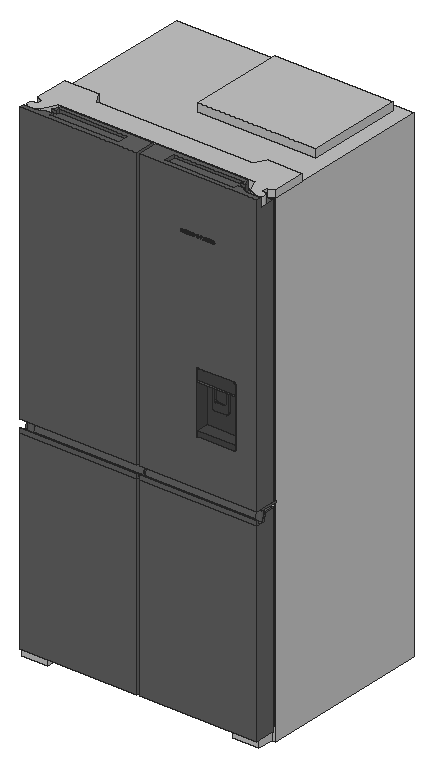
Revit family "FP_Revit_18_RF730QZUVB1_Fridge_90001899A", category Specialty Equipment, Revit 2018
Family settings
  Round Connector Dimension = Use Diameter
  Part Type = Normal
  OmniClass Number = 23.40.40.11.11.17
  OmniClass Title = Refrigerator-Freezer
  Work Plane-Based = No
  Always vertical = Yes
  Cut with Voids When Loaded = Yes
  Shared = No
  Room Calculation Point = No
Parameters (values of type "RF730QZUVB1 (Flush)")
  Visibility - Clearance Required = yes
  URL = "www.fisherpaykel.com"
  Product - Width = 905 mm  # constant formula
  Product - Height = 1900 mm  # constant formula
  Product - Depth = 748 mm  # constant formula
  Model = "RF730QZUVB1"
  Material - Trim = Fisher & Paykel - Aluminium, Dark
  Material - Glass = Fisher & Paykel - Grey
  Material - Door Structure = Fisher & Paykel - White
  Material - Door Front = Fisher & Paykel - Stainless Steel, Dark
  Material - Body = Fisher & Paykel - Grey
  Manufacturer = "Fisher & Paykel Appliances"
  Description = "Freestanding Quad Door Refrigerator Freezer"
  Connector Description - Water = "Min 150kPa (22psi), max 827kPa (120psi) @ 20°C"
  Connector Description - Electrical = "220-240 V, 50 Hz, 1.8 A,"
  Chassis - Width = 905 mm  # constant formula
  Chassis - Height = 1867 mm  # constant formula
  Chassis - Depth = 663 mm  # constant formula
  Cavity - Width = 1125 mm
  Cavity - Height = 1945 mm
  Cavity - Door Clearance = 260 mm
  Cavity - Depth = 778 mm
Types (3, lengths in mm): name | Connector Description - Water | Cavity - Width | Cavity - Height | Cavity - Door Clearance | Cavity - Depth
  (no name) | "Min 150kPa (22psi), max 827kPa (120psi) @ 20°C" | 1125 | 1945 | 260 | 778
  RF730QZUVB1 (Proud) | "13mm (1/2\") or 19mm (3/4\") BSP threaded water connection 6.35mm LLDPE tubing" | 985 | 1920 | 350 | 690
  RF730QZUVB1 (Flush) | "Min 150kPa (22psi), max 827kPa (120psi) @ 20°C" | 1125 | 1945 | 260 | 778
Reference planes
  plane 1 "Datum": y = 0
  plane 2: z = 0
  plane 3 "Center (Left/Right)": x = 0
  plane 4 "Product LHS": x = -452.5
  plane 5 "Product RHS": x = 452.5
  plane 6 "Product - Depth": y = 660.022
  plane 7 "Cavity LHS": x = -562.5
  plane 8 "Cavity RHS": x = 562.5
  plane 9 "Cavity - Depth": y = 715
  plane 10 "Cavity Height": z = 1945
  plane 11 "Product - Height": z = 1900
  plane 12 "Door Font": y = -87.978
Forms (mm)
  Extrusion 1, solid, material "Fisher & Paykel - Grey" <- "Material - Body"
    sketch origin (0, -1.89, -0.809) x (0, 1, 0) y (0, 0, 1)
      loop
        line (1.89, 10.014) -> (661.912, 10.014) -> (661.912, 1867.809) -> (1.89, 1867.809) -> (1.89, 10.014)
    from -452.5 to 452.5
  Extrusion 2, void
    sketch origin (-955, 0, 0) x (1, 0, 0) y (0, 0, 1)
      loop
        arc (1184.105, 1245.1) -> (1178.448, 1242.757) -> (1176.105, 1237.1) r 8
        line (1176.105, 1237.1) -> (1176.105, 1017.5)
        arc (1176.105, 1017.5) -> (1178.448, 1011.843) -> (1184.105, 1009.5) r 8
        line (1184.105, 1009.5) -> (1318.605, 1009.5)
        arc (1318.605, 1009.5) -> (1324.262, 1011.843) -> (1326.605, 1017.5) r 8
        line (1326.605, 1017.5) -> (1326.605, 1237.1)
        arc (1326.605, 1237.1) -> (1324.262, 1242.757) -> (1318.605, 1245.1) r 8
        line (1318.605, 1245.1) -> (1184.105, 1245.1)
    from 15 to 87.978
  Extrusion 3, solid, material "Fisher & Paykel - Clearance Required", visible <- "Visibility - Clearance Required", detail levels coarse
    sketch origin (0, 0, 0) x (0, 1, 0) y (0, 0, 1)
      loop
        line (-87.978, 816.839) -> (-375.091, 816.839) -> (-375.091, 45.301) -> (-87.978, 45.301) -> (-87.978, 816.839)
    from -452.5 to 452.5
  Extrusion 4, solid, material "Fisher & Paykel - White" <- "Material - Door Structure", detail levels medium+fine
    sketch origin (0, 0, 0) x (1, 0, 0) y (0, 0, 1)
      loop
        line (4.9, 824.651) -> (4.9, 58.27) -> (447.305, 58.27) -> (447.305, 824.651) -> (4.9, 824.651)
      loop
        line (-447.295, 58.27) -> (-4.996, 58.27) -> (-4.996, 824.651) -> (-447.295, 824.651) -> (-447.295, 58.27)
      loop
        line (-4.996, 832.342) -> (-4.996, 1861.601) -> (-447.295, 1861.601) -> (-447.295, 832.342) -> (-4.996, 832.342)
      loop
        line (4.9, 832.342) -> (447.305, 832.342) -> (447.305, 1861.601) -> (4.9, 1861.601) -> (4.9, 832.342)
    from 0 to 11.877
  Extrusion 5, solid, material "Fisher & Paykel - Stainless Steel, Dark" <- "Material - Door Front"
    sketch origin (0, 0, 0) x (1, 0, 0) y (0, 0, 1)
      loop
        line (-452.5, 832.342) -> (-4.996, 832.342) -> (-4.996, 1866.2) -> (-452.5, 1866.2) -> (-452.5, 832.342)
      loop
        line (4.9, 1866.2) -> (4.9, 832.342) -> (452.5, 832.342) -> (452.5, 1866.2) -> (4.9, 1866.2)
    from 11.877 to 87.978
  Extrusion 6, solid, material "Fisher & Paykel - Clearance Required", visible <- "Visibility - Clearance Required", detail levels coarse
    sketch origin (0, 0, 0) x (1, 0, 0) y (0, 1, 0)
      loop
        line (-562.5, 715) -> (-562.5, 0) -> (-452.5, 0) -> (-452.5, -87.978) -> (452.5, -87.978) -> (452.5, 0) -> (562.5, 0) -> (562.5, 715) -> (-562.5, 715)
    from 0 to 1945
  Extrusion 7, solid, material "Fisher & Paykel - Clearance Required", visible <- "Visibility - Clearance Required", detail levels coarse
    sketch origin (0, 0, 0) x (1, 0, 0) y (0, 1, 0)
      loop
        line (-452.5, -87.978) -> (-760.15, -412.957)
        arc (-760.15, -412.957) -> (-275.603, -499.034) -> (-4.996, -87.978) r 447.504
        line (-4.996, -87.978) -> (-452.5, -87.978)
      loop
        line (452.5, -87.978) -> (4.996, -87.978)
        arc (4.996, -87.978) -> (275.603, -499.034) -> (760.15, -412.957) r 447.504
        line (760.15, -412.957) -> (452.5, -87.978)
    from 832.342 to 1945
  Extrusion 8, solid, material "Fisher & Paykel - Aluminium, Dark" <- "Material - Trim", detail levels medium+fine
    sketch origin (0, 0, 0) x (0, 1, 0) y (0, 0, 1)
      loop
        line (-11.877, 816.839) -> (-52.855, 816.839) -> (-58.145, 786.839) -> (-80.904, 786.839) -> (-83.372, 800.839) -> (-87.978, 800.839) -> (-87.978, 784.839) -> (-56.467, 784.839) -> (-51.177, 814.839) -> (-11.877, 814.839) -> (-11.877, 816.839)
    from -452.5 to 452.5
  Extrusion 9, void
    sketch origin (0, 0, 0) x (1, 0, 0) y (0, 1, 0)
      loop
        arc (-179.6, -42.862) -> (-183.136, -44.327) -> (-184.6, -47.862) r 5
        line (-184.6, -47.862) -> (-184.6, -70.717)
        arc (-184.6, -70.717) -> (-183.136, -74.253) -> (-179.6, -75.717) r 5
        line (-179.6, -75.717) -> (-39.9, -75.717)
        arc (-39.9, -75.717) -> (-36.364, -74.253) -> (-34.9, -70.717) r 5
        line (-34.9, -70.717) -> (-34.9, -47.862)
        arc (-34.9, -47.862) -> (-36.364, -44.327) -> (-39.9, -42.862) r 5
        line (-39.9, -42.862) -> (-179.6, -42.862)
      loop
        line (179.6, -42.862) -> (39.9, -42.862)
        arc (39.9, -42.862) -> (36.364, -44.327) -> (34.9, -47.862) r 5
        line (34.9, -47.862) -> (34.9, -70.717)
        arc (34.9, -70.717) -> (36.364, -74.253) -> (39.9, -75.717) r 5
        line (39.9, -75.717) -> (179.6, -75.717)
        arc (179.6, -75.717) -> (183.136, -74.253) -> (184.6, -70.717) r 5
        line (184.6, -70.717) -> (184.6, -47.862)
        arc (184.6, -47.862) -> (183.136, -44.327) -> (179.6, -42.862) r 5
    from 832 to 852
  Extrusion 10, solid, material "Fisher & Paykel - Stainless Steel, Dark" <- "Material - Door Front"
    sketch origin (0, 0, 0) x (0, 1, 0) y (0, 0, 1)
      loop
        line (-11.877, 814.839) -> (-51.117, 814.839) -> (-56.407, 784.839) -> (-87.978, 784.839) -> (-87.978, 45.301) -> (-11.877, 45.301) -> (-11.877, 814.839)
    from -452.5 to 452.5
  Extrusion 11, solid, material "Fisher & Paykel - Grey" <- "Material - Body", detail levels medium+fine
    sketch origin (0, 0, 0) x (0, 1, 0) y (0, 0, 1)
      loop
        arc (549.005, 9.205) -> (567.902, 0.099) -> (586.799, 9.205) r 24.162
        line (586.799, 9.205) -> (549.005, 9.205)
      loop
        arc (29.421, 9.205) -> (41.527, 0.169) -> (53.634, 9.205) r 12.628
        line (53.634, 9.205) -> (29.421, 9.205)
    from -435.714 to -404.314
  Extrusion 12, solid, material "Fisher & Paykel - Grey" <- "Material - Body", detail levels fine
    sketch origin (0, 0, 0) x (1, 0, 0) y (0, 0, 1)
      loop
        line (-351.985, 20.451) -> (-351.985, 45.301) -> (-452.5, 45.301) -> (-452.5, 20.451) -> (-351.985, 20.451)
      loop
        line (351.985, 20.451) -> (452.5, 20.451) -> (452.5, 45.301) -> (351.985, 45.301) -> (351.985, 20.451)
    from 16.39 to 78.575
  Extrusion 13, solid, material "Fisher & Paykel - Grey" <- "Material - Body", detail levels fine
    sketch origin (0, 0, 0) x (0, 1, 0) y (0, 0, 1)
      loop
        line (-4.844, 58.27) -> (-11.877, 58.27) -> (-11.877, 45.301) -> (-22.558, 45.301) -> (-22.558, 30.4) -> (-4.844, 30.4) -> (-4.844, 58.27)
    from 188.466 to 216.448
  Extrusion 14, solid, material "Fisher & Paykel - Grey" <- "Material - Body", detail levels fine
    sketch origin (0, 0, 0) x (0, 1, 0) y (0, 0, -1)
      loop
        line (-4.844, -58.27) -> (-4.844, -30.4) -> (-22.558, -30.4) -> (-22.558, -44.959) -> (-11.877, -44.959) -> (-11.877, -58.27) -> (-4.844, -58.27)
    from 188.466 to 216.448
  Extrusion 15, solid, material "Fisher & Paykel - Aluminium, Dark" <- "Material - Trim", detail levels fine
    sketch origin (0, 0, 0) x (1, 0, 0) y (0, 0, 1)
      loop
        line (356.505, 824.651) -> (452.5, 824.651) -> (452.5, 832.342) -> (356.505, 832.342) -> (356.505, 824.651)
      loop
        line (-356.505, 824.651) -> (-356.505, 832.342) -> (-452.5, 832.342) -> (-452.5, 824.651) -> (-356.505, 824.651)
    from 0 to 64.429
  Extrusion 16, solid, material "Fisher & Paykel - Aluminium, Dark" <- "Material - Trim", detail levels fine
    sketch origin (0, 0, 0) x (1, 0, 0) y (0, 1, 0)
      loop
        circle (-435.446, -51.301) r 11.912
      loop
        circle (435.446, -51.301) r 11.912
    from 786.839 to 824.651
  Extrusion 17, solid, material "Fisher & Paykel - Stainless Steel, Dark" <- "Material - Door Front"
    sketch origin (0, 0, 0) x (1, 0, 0) y (0, 1, 0)
      loop
        line (4.9, -11.877) -> (4.9, -87.978) -> (452.5, -87.978) -> (452.5, -70.676) -> (402.411, -70.676)
        arc (402.411, -70.676) -> (387.987, -66.778) -> (377.491, -56.144) r 28.633
        line (377.491, -56.144) -> (352.29, -56.144) -> (352.29, -71.791) -> (88.144, -71.791) -> (88.144, -27.864) -> (352.29, -27.864) -> (352.29, -39.179) -> (369.829, -39.179) -> (357.565, -11.877) -> (4.9, -11.877)
      loop
        line (-4.996, -11.877) -> (-357.565, -11.877) -> (-369.829, -39.179) -> (-352.29, -39.179) -> (-352.29, -27.864) -> (-88.144, -27.864) -> (-88.144, -71.791) -> (-352.29, -71.791) -> (-352.29, -56.144) -> (-377.491, -56.144)
        arc (-377.491, -56.144) -> (-387.987, -66.778) -> (-402.411, -70.676) r 28.633
        line (-402.411, -70.676) -> (-452.5, -70.676) -> (-452.5, -87.978) -> (-4.996, -87.978) -> (-4.996, -11.877)
    from 1866.2 to 1900
  Extrusion 18, solid, material "Fisher & Paykel - Grey" <- "Material - Body", detail levels medium+fine
    sketch origin (0, 0, 0) x (0, 1, 0) y (0, 0, -1)
      loop
        line (549.278, -9.205) -> (586.526, -9.205)
        arc (586.526, -9.205) -> (567.902, -0.214) -> (549.278, -9.205) r 23.786
      loop
        line (29.521, -9.205) -> (53.534, -9.205)
        arc (53.534, -9.205) -> (41.527, -0.096) -> (29.521, -9.205) r 12.468
    from -435.714 to -404.314
  Extrusion 19, solid, material "Fisher & Paykel - Grey" <- "Material - Body", detail levels medium+fine
    sketch origin (0, 0, 0) x (1, 0, 0) y (0, 1, 0)
      loop
        arc (-442.679, -35.387) -> (-451.6, -56.757) -> (-430.271, -65.777) r 16.413
        line (-430.271, -65.777) -> (-398.898, -52.582) -> (-375.526, -1.823) -> (375.526, -1.823) -> (398.898, -52.582) -> (430.271, -65.777)
        arc (430.271, -65.777) -> (451.6, -56.757) -> (442.679, -35.387) r 16.413
        line (442.679, -35.387) -> (429.032, -29.74) -> (429.032, -10.954) -> (452.5, -0.448) -> (452.5, 125.143) -> (321.605, 125.143) -> (297.603, 85.197) -> (-297.603, 85.197) -> (-321.605, 125.143) -> (-452.5, 125.143) -> (-452.5, -0.448) -> (-429.032, -10.954) -> (-429.032, -29.74) -> (-442.679, -35.387)
    from 1867 to 1895.804
  Extrusion 20, void
    sketch origin (0, 0, 0) x (1, 0, 0) y (0, 0, 1)
      loop
        line (-4.996, 832.342) -> (-4.996, 0) -> (4.9, 0) -> (4.9, 832.342) -> (-4.996, 832.342)
    from 11.877 to 87.978
  Extrusion 21, solid, material "Fisher & Paykel - Grey" <- "Material - Body", detail levels medium+fine
    sketch origin (0, 0, 0) x (1, 0, 0) y (0, 1, 0)
      loop
        line (-54.918, 630.321) -> (-54.918, 265.628) -> (394.775, 265.628) -> (394.775, 630.321) -> (-54.918, 630.321)
    from 1867 to 1898.601
  Extrusion 22, solid, material "Fisher & Paykel - Stainless Steel, Dark" <- "Material - Door Front", detail levels fine
    sketch origin (0, 0, 0) x (1, 0, 0) y (0, 1, 0)
      loop
        line (-369.829, -39.179) -> (-377.34, -56.144) -> (-352.29, -56.144) -> (-352.29, -71.791) -> (-88.144, -71.791) -> (-88.144, -27.864) -> (-352.29, -27.864) -> (-352.29, -39.179) -> (-369.829, -39.179)
      loop
        line (369.829, -39.179) -> (352.29, -39.179) -> (352.29, -27.864) -> (88.144, -27.864) -> (88.144, -71.791) -> (352.29, -71.791) -> (352.29, -56.144) -> (377.34, -56.144) -> (369.829, -39.179)
    from 1867 to 1890.401
  Extrusion 23, solid, material "Fisher & Paykel - Clearance Required", visible <- "Visibility - Clearance Required", detail levels coarse
    sketch origin (0, 0, 0) x (1, 0, 0) y (0, 1, 0)
      loop
        line (-727.5, 0) -> (-727.5, -87.978) -> (-452.5, -87.978) -> (-452.5, 0) -> (-727.5, 0)
      loop
        line (727.5, 0) -> (452.5, 0) -> (452.5, -87.978) -> (727.5, -87.978) -> (727.5, 0)
    from 0 to 1945
  Extrusion 24, void
    sketch origin (0, 0, 0) x (1, 0, 0) y (0, 0, 1)
      loop
        circle (-375, 155) r 10
      loop
        circle (169.929, 1882.8) r 5
    from -660.022 to -610
  Extrusion 25, void
    sketch origin (0, 0, 0) x (1, 0, 0) y (0, 1, 0)
      loop
        line (-562.5, 715) -> (-562.5, 0) -> (-452.5, 0) -> (-452.5, -87.978) -> (452.5, -87.978) -> (452.5, 0) -> (562.5, 0) -> (562.5, 715) -> (-562.5, 715)
    from 0 to 1945
  Extrusion 26, void
    sketch origin (0, 0, 0) x (1, 0, 0) y (0, 1, 0)
      loop
        line (-727.5, 0) -> (-727.5, -87.978) -> (-452.5, -87.978) -> (-452.5, 0) -> (-727.5, 0)
      loop
        line (727.5, 0) -> (452.5, 0) -> (452.5, -87.978) -> (727.5, -87.978) -> (727.5, 0)
    from 0 to 1945
Cuts and joins
  Extrusion 2, Extrusion 9 cuts Extrusion 5
  joined: Extrusion 5, Extrusion 17
  Extrusion 20 cuts Extrusion 19
  Extrusion 20 cuts Extrusion 6
  Extrusion 20 cuts Extrusion 10
  Extrusion 20 cuts Extrusion 8
  Extrusion 20, Extrusion 24 cuts Extrusion 1
  Extrusion 24 cuts Extrusion 21
Text (mm)
  text "Due to ongoing product development, product details are subject to change without notice. \nPlease always refer to www.fisherpaykel.com for the most current product information. \n© Fisher & Paykel 2020" at (41.04, -527.568, 0), in view "Ref. Level (Plan)"
Dimensions and locks
  equal spacing: plane 4 "Product LHS", plane 3 "Center (Left/Right)", plane 5 "Product RHS"
  "Product - Width": plane 4 "Product LHS" to plane 5 "Product RHS"
  equal spacing: plane 7 "Cavity LHS", plane 3 "Center (Left/Right)", plane 8 "Cavity RHS"
  "Cavity - Width": plane 7 "Cavity LHS" to plane 8 "Cavity RHS"
  Extrusion 2 sketch curve to plane 3 "Center (Left/Right)" = 371.605 mm
  Extrusion 2 sketch curve to Extrusion 2 sketch curve = 235.6 mm
  Extrusion 2 sketch curve to level = 1009.5 mm
  Extrusion 2 sketch curve to Extrusion 2 sketch curve = 150.5 mm
  plane 7 "Cavity LHS" to plane 4 "Product LHS" = 110 mm
  plane 5 "Product RHS" to plane 8 "Cavity RHS" = 110 mm
  plane 11 "Product - Height" to nested 2 = 207.779 mm
  nested 2 to plane 3 "Center (Left/Right)" = 227 mm
  locked: plane 12 "Door Font" to plane 1 "Datum" at 87.978
  plane 1 "Datum" to plane 6 "Product - Depth" = 660.022 mm
  "Product - Depth": plane 6 "Product - Depth" to plane 12 "Door Font"
  "Product - Height": plane 11 "Product - Height" to level
  "Cavity - Height": plane 10 "Cavity Height" to level
  "Chassis - Height": Extrusion 1 to level
  locked: Extrusion 19 to Extrusion 1 at 28.804
  locked: Extrusion 21 to plane 11 "Product - Height" at 1.399
  locked: Extrusion 22 to plane 11 "Product - Height" at 9.599
  plane 11 "Product - Height" to cut or joined group of Extrusion 2, Extrusion 5, Extrusion 9, Extrusion 17 = 890.5 mm
  Extrusion 23 to plane 7 "Cavity LHS" = 165 mm
  plane 8 "Cavity RHS" to Extrusion 23 = 165 mm
  locked: Extrusion 7 sketch curve to plane 3 "Center (Left/Right)" at 760.15
  locked: plane 3 "Center (Left/Right)" to Extrusion 7 sketch curve at 760.15
  locked: level to Extrusion 24 sketch curve at 155
  locked: plane 3 "Center (Left/Right)" to Extrusion 24 sketch curve at 375
  locked: Extrusion 3 to level at 816.839
  locked: Extrusion 7 to level at 832.342
  aligned and locked: level to plane 2
  aligned and locked: plane 4 "Product LHS" to Extrusion 1
  aligned and locked: Extrusion 1 to plane 5 "Product RHS"
  aligned and locked: plane 9 "Cavity - Depth" to Extrusion 6
  aligned and locked: Extrusion 10 to plane 5 "Product RHS"
  aligned and locked: plane 4 "Product LHS" to Extrusion 10
  aligned and locked: Extrusion 6 to plane 10 "Cavity Height"
  aligned and locked: Extrusion 3 to Extrusion 10
  aligned and locked: Extrusion 4 to plane 1 "Datum"
  aligned and locked: Extrusion 12 sketch curve to plane 5 "Product RHS"
  aligned and locked: Extrusion 12 sketch curve to plane 4 "Product LHS"
  aligned and locked: plane 5 "Product RHS" to Extrusion 15 sketch curve
  aligned and locked: Extrusion 17 to plane 11 "Product - Height"
  aligned and locked: Extrusion 1 to Extrusion 8  (x2)
  aligned and locked: Extrusion 6 to plane 1 "Datum"
  aligned and locked: Extrusion 4 to Extrusion 10
  aligned and locked: Extrusion 10 to plane 12 "Door Font"
  aligned and locked: Extrusion 17 to plane 12 "Door Font"
  aligned and locked: cut or joined group of Extrusion 2, Extrusion 5, Extrusion 9, Extrusion 17 to Extrusion 17
  aligned and locked: cut or joined group of Extrusion 2, Extrusion 5, Extrusion 9, Extrusion 17 to Extrusion 4  (x2)
  aligned and locked: Extrusion 4 to Extrusion 15
  aligned and locked: Extrusion 12 to Extrusion 10
  aligned and locked: Extrusion 13 to Extrusion 4
  aligned and locked: Extrusion 13 to Extrusion 10
  aligned and locked: Extrusion 13 to Extrusion 12
  aligned and locked: Extrusion 18 to Extrusion 1  (x2)
  aligned and locked: Extrusion 1 to Extrusion 19
  aligned and locked: Extrusion 17 to cut or joined group of Extrusion 2, Extrusion 5, Extrusion 9, Extrusion 17  (x2)
  aligned and locked: Extrusion 20 sketch curve to cut or joined group of Extrusion 2, Extrusion 5, Extrusion 9, Extrusion 17
  aligned and locked: cut or joined group of Extrusion 2, Extrusion 5, Extrusion 9, Extrusion 17 to Extrusion 20 sketch curve
  aligned and locked: level to Extrusion 20 sketch curve
  aligned and locked: cut or joined group of Extrusion 19, Extrusion 20 to plane 12 "Door Font"
  aligned and locked: cut or joined group of Extrusion 19, Extrusion 20 to Extrusion 10
  aligned and locked: cut or joined group of Extrusion 2, Extrusion 5, Extrusion 9, Extrusion 17 to plane 12 "Door Font"
  aligned and locked: nested 1 to plane 12 "Door Font"
  aligned and locked: Extrusion 10 to cut or joined group of Extrusion 8, Extrusion 20  (x2)
  aligned and locked: Extrusion 20 to cut or joined group of Extrusion 2, Extrusion 5, Extrusion 9, Extrusion 17
  aligned and locked: Extrusion 7 to plane 10 "Cavity Height"
  aligned and locked: Extrusion 7 to cut or joined group of Extrusion 2, Extrusion 5, Extrusion 9, Extrusion 17
  aligned and locked: cut or joined group of Extrusion 8, Extrusion 20 to Extrusion 3
  aligned and locked: plane 4 "Product LHS" to Extrusion 23 sketch curve
  aligned and locked: plane 12 "Door Font" to Extrusion 23 sketch curve
  aligned and locked: plane 1 "Datum" to Extrusion 6 sketch curve
  aligned and locked: Extrusion 23 to level
  aligned and locked: Extrusion 23 to plane 10 "Cavity Height"
  aligned and locked: plane 4 "Product LHS" to Extrusion 3
  aligned and locked: Extrusion 3 to plane 5 "Product RHS"
  aligned and locked: plane 5 "Product RHS" to Extrusion 6 sketch curve
  aligned and locked: plane 4 "Product LHS" to Extrusion 6 sketch curve
  aligned and locked: cut or joined group of Extrusion 19, Extrusion 20 to cut or joined group of Extrusion 1, Extrusion 20, Extrusion 24
  aligned and locked: cut or joined group of Extrusion 1, Extrusion 20, Extrusion 24 to cut or joined group of Extrusion 19, Extrusion 20
  aligned and locked: plane 6 "Product - Depth" to Extrusion 24
  aligned and locked: plane 7 "Cavity LHS" to Extrusion 25
  aligned and locked: plane 1 "Datum" to Extrusion 25  (x2)
  aligned and locked: Extrusion 25 to plane 12 "Door Font"
  aligned and locked: plane 9 "Cavity - Depth" to Extrusion 25
  aligned and locked: Extrusion 25 to plane 8 "Cavity RHS"
  aligned and locked: Extrusion 25 to level
  aligned and locked: Extrusion 26 to Extrusion 23  (x2)
  aligned and locked: Extrusion 26 to plane 1 "Datum"  (x2)
  aligned and locked: Extrusion 26 to nested 1
  aligned and locked: Extrusion 26 to plane 4 "Product LHS"
  aligned and locked: nested 1 to Extrusion 26
  aligned and locked: plane 5 "Product RHS" to Extrusion 26
  aligned and locked: Extrusion 26 to plane 10 "Cavity Height"
  aligned and locked: Extrusion 26 to level
  aligned and locked: Extrusion 25 to plane 10 "Cavity Height"
Automatic sketch dimensions
  Extrusion 1 sketch curve to plane 6 "Product - Depth" = 0 mm
  Extrusion 1 sketch curve to plane 1 "Datum" = 0 mm
  level to Extrusion 1 sketch curve = 9.205 mm
  plane 11 "Product - Height" to Extrusion 1 sketch curve = 33 mm
  Extrusion 2 sketch curve to Extrusion 2 sketch curve = 8 mm  (x4)
  Extrusion 3 sketch curve to plane 12 "Door Font" = 0 mm
  level to Extrusion 3 sketch curve = 45.301 mm
  Extrusion 3 sketch curve to plane 12 "Door Font" = 287.113 mm
  Extrusion 3 sketch curve to Extrusion 3 sketch curve = 771.538 mm
  Extrusion 4 sketch curve to plane 4 "Product LHS" = 5.205 mm  (x2)
  Extrusion 4 sketch curve to plane 3 "Center (Left/Right)" = 4.996 mm  (x2)
  plane 3 "Center (Left/Right)" to Extrusion 4 sketch curve = 4.9 mm  (x2)
  plane 5 "Product RHS" to Extrusion 4 sketch curve = 5.195 mm  (x2)
  level to Extrusion 4 sketch curve = 58.27 mm
  Extrusion 4 sketch curve to Extrusion 4 sketch curve = 0 mm  (x3)
  Extrusion 4 sketch curve to Extrusion 4 sketch curve = 766.38 mm
  Extrusion 4 sketch curve to Extrusion 4 sketch curve = 7.691 mm  (x2)
  plane 11 "Product - Height" to Extrusion 4 sketch curve = 38.399 mm
  plane 4 "Product LHS" to Extrusion 5 sketch curve = 0 mm
  plane 5 "Product RHS" to Extrusion 5 sketch curve = 0 mm
  Extrusion 5 sketch curve to plane 3 "Center (Left/Right)" = 4.996 mm
  plane 3 "Center (Left/Right)" to Extrusion 5 sketch curve = 4.9 mm
  level to Extrusion 5 sketch curve = 832.342 mm
  Extrusion 5 sketch curve to Extrusion 5 sketch curve = 0 mm
  plane 11 "Product - Height" to Extrusion 5 sketch curve = 33.8 mm  (x2)
  Extrusion 6 sketch curve to plane 7 "Cavity LHS" = 0 mm
  plane 1 "Datum" to Extrusion 6 sketch curve = 0 mm
  Extrusion 6 sketch curve to plane 8 "Cavity RHS" = 0 mm
  Extrusion 6 sketch curve to plane 12 "Door Font" = 0 mm
  Extrusion 6 sketch curve to plane 9 "Cavity - Depth" = 0 mm
  Extrusion 7 sketch curve to plane 4 "Product LHS" = 0 mm  (x2)
  Extrusion 7 sketch curve to plane 12 "Door Font" = 0 mm  (x2)
  Extrusion 7 sketch curve to plane 5 "Product RHS" = 0 mm  (x2)
  Extrusion 7 sketch curve to plane 3 "Center (Left/Right)" = 4.996 mm
  plane 3 "Center (Left/Right)" to Extrusion 7 sketch curve = 4.996 mm
  Extrusion 8 sketch curve to plane 12 "Door Font" = 0 mm
  plane 12 "Door Font" to Extrusion 8 sketch curve = 4.606 mm
  plane 12 "Door Font" to Extrusion 8 sketch curve = 7.075 mm
  Extrusion 8 sketch curve to Extrusion 8 sketch curve = 22.759 mm
  Extrusion 8 sketch curve to Extrusion 8 sketch curve = 1.678 mm  (x2)
  Extrusion 8 sketch curve to Extrusion 8 sketch curve = 5.29 mm
  plane 1 "Datum" to Extrusion 8 sketch curve = 11.877 mm
  level to Extrusion 8 sketch curve = 784.839 mm
  Extrusion 8 sketch curve to Extrusion 8 sketch curve = 2 mm  (x2)
  Extrusion 8 sketch curve to Extrusion 8 sketch curve = 14 mm
  Extrusion 8 sketch curve to Extrusion 8 sketch curve = 30 mm
  plane 12 "Door Font" to Extrusion 9 sketch curve = 17.261 mm  (x3)
  Extrusion 9 sketch curve to plane 3 "Center (Left/Right)" = 184.6 mm
  Extrusion 9 sketch curve to Extrusion 9 sketch curve = 5 mm  (x6)
  Extrusion 9 sketch curve to plane 3 "Center (Left/Right)" = 39.9 mm
  plane 3 "Center (Left/Right)" to Extrusion 9 sketch curve = 34.9 mm
  plane 12 "Door Font" to Extrusion 9 sketch curve = 40.116 mm
  Extrusion 9 sketch curve to Extrusion 9 sketch curve = 139.7 mm
  Extrusion 9 sketch curve to Extrusion 9 sketch curve = 0 mm
  Extrusion 9 sketch curve to Extrusion 9 sketch curve = 22.855 mm
  Extrusion 10 sketch curve to plane 12 "Door Font" = 0 mm
  Extrusion 10 sketch curve to Extrusion 10 sketch curve = 31.572 mm
  Extrusion 10 sketch curve to Extrusion 10 sketch curve = 5.29 mm
  plane 1 "Datum" to Extrusion 10 sketch curve = 11.877 mm
  level to Extrusion 10 sketch curve = 45.301 mm
  Extrusion 10 sketch curve to Extrusion 10 sketch curve = 739.538 mm
  Extrusion 10 sketch curve to Extrusion 10 sketch curve = 30 mm
  level to Extrusion 11 sketch curve = 9.205 mm  (x2)
  Extrusion 11 sketch curve to plane 1 "Datum" = 29.421 mm
  Extrusion 11 sketch curve to Extrusion 11 sketch curve = 12.107 mm
  Extrusion 11 sketch curve to plane 6 "Product - Depth" = 111.017 mm
  Extrusion 11 sketch curve to Extrusion 11 sketch curve = 18.897 mm
  Extrusion 11 sketch curve to Extrusion 11 sketch curve = 3.593 mm
  Extrusion 11 sketch curve to Extrusion 11 sketch curve = 15.056 mm
  level to Extrusion 12 sketch curve = 45.301 mm
  Extrusion 12 sketch curve to plane 4 "Product LHS" = 100.515 mm
  level to Extrusion 12 sketch curve = 20.451 mm  (x2)
  plane 5 "Product RHS" to Extrusion 12 sketch curve = 100.515 mm
  Extrusion 12 sketch curve to Extrusion 12 sketch curve = 24.85 mm
  plane 1 "Datum" to Extrusion 13 sketch curve = 22.558 mm
  plane 1 "Datum" to Extrusion 13 sketch curve = 11.877 mm
  plane 1 "Datum" to Extrusion 13 sketch curve = 4.844 mm
  level to Extrusion 13 sketch curve = 30.4 mm
  Extrusion 13 sketch curve to Extrusion 13 sketch curve = 14.9 mm
  Extrusion 13 sketch curve to Extrusion 13 sketch curve = 12.97 mm
  plane 1 "Datum" to Extrusion 14 sketch curve = 22.558 mm
  plane 1 "Datum" to Extrusion 14 sketch curve = 11.877 mm
  plane 1 "Datum" to Extrusion 14 sketch curve = 4.844 mm
  level to Extrusion 14 sketch curve = 58.27 mm
  Extrusion 14 sketch curve to Extrusion 14 sketch curve = 13.312 mm
  Extrusion 14 sketch curve to Extrusion 14 sketch curve = 14.558 mm
  plane 4 "Product LHS" to Extrusion 15 sketch curve = 0 mm
  Extrusion 15 sketch curve to plane 4 "Product LHS" = 95.995 mm
  plane 5 "Product RHS" to Extrusion 15 sketch curve = 95.995 mm
  level to Extrusion 15 sketch curve = 824.651 mm
  Extrusion 15 sketch curve to Extrusion 15 sketch curve = 0 mm
  Extrusion 15 sketch curve to Extrusion 15 sketch curve = 7.691 mm  (x2)
  Extrusion 16 sketch curve to plane 4 "Product LHS" = 17.054 mm
  plane 5 "Product RHS" to Extrusion 16 sketch curve = 17.054 mm
  plane 12 "Door Font" to Extrusion 16 sketch curve = 36.677 mm  (x2)
  Extrusion 17 sketch curve to plane 4 "Product LHS" = 0 mm
  Extrusion 17 sketch curve to plane 12 "Door Font" = 0 mm  (x2)
  Extrusion 17 sketch curve to plane 5 "Product RHS" = 0 mm
  Extrusion 17 sketch curve to plane 4 "Product LHS" = 50.089 mm
  Extrusion 17 sketch curve to Extrusion 17 sketch curve = 24.92 mm  (x2)
  Extrusion 17 sketch curve to Extrusion 17 sketch curve = 7.662 mm  (x2)
  plane 1 "Datum" to Extrusion 17 sketch curve = 11.877 mm  (x2)
  Extrusion 17 sketch curve to Extrusion 17 sketch curve = 12.264 mm
  Extrusion 17 sketch curve to Extrusion 17 sketch curve = 5.275 mm  (x2)
  Extrusion 17 sketch curve to Extrusion 17 sketch curve = 25.2 mm
  plane 12 "Door Font" to Extrusion 17 sketch curve = 16.187 mm  (x2)
  Extrusion 17 sketch curve to plane 3 "Center (Left/Right)" = 88.144 mm
  Extrusion 17 sketch curve to plane 3 "Center (Left/Right)" = 4.996 mm
  plane 3 "Center (Left/Right)" to Extrusion 17 sketch curve = 4.9 mm
  plane 1 "Datum" to Extrusion 17 sketch curve = 27.864 mm  (x2)
  Extrusion 17 sketch curve to Extrusion 17 sketch curve = 83.244 mm
  plane 12 "Door Font" to Extrusion 17 sketch curve = 31.835 mm
  plane 5 "Product RHS" to Extrusion 17 sketch curve = 100.21 mm
  Extrusion 17 sketch curve to Extrusion 17 sketch curve = 0 mm
  plane 1 "Datum" to Extrusion 17 sketch curve = 39.179 mm
  Extrusion 17 sketch curve to Extrusion 17 sketch curve = 17.538 mm
  plane 12 "Door Font" to Extrusion 17 sketch curve = 17.302 mm
  Extrusion 17 sketch curve to Extrusion 17 sketch curve = 17.302 mm
  Extrusion 17 sketch curve to Extrusion 17 sketch curve = 14.532 mm
  Extrusion 17 sketch curve to Extrusion 17 sketch curve = 16.965 mm
  level to Extrusion 18 sketch curve = 9.205 mm  (x2)
  Extrusion 18 sketch curve to plane 1 "Datum" = 29.521 mm
  Extrusion 18 sketch curve to Extrusion 18 sketch curve = 12.006 mm
  Extrusion 18 sketch curve to plane 6 "Product - Depth" = 110.744 mm
  Extrusion 18 sketch curve to Extrusion 18 sketch curve = 18.624 mm
  Extrusion 18 sketch curve to Extrusion 18 sketch curve = 3.359 mm
  Extrusion 18 sketch curve to Extrusion 18 sketch curve = 14.795 mm
  Extrusion 19 sketch curve to plane 4 "Product LHS" = 0 mm
  Extrusion 19 sketch curve to plane 5 "Product RHS" = 0 mm
  Extrusion 19 sketch curve to plane 4 "Product LHS" = 9.821 mm
  Extrusion 19 sketch curve to plane 4 "Product LHS" = 16.095 mm
  Extrusion 19 sketch curve to Extrusion 19 sketch curve = 6.134 mm
  Extrusion 19 sketch curve to Extrusion 19 sketch curve = 13.648 mm
  Extrusion 19 sketch curve to Extrusion 19 sketch curve = 31.373 mm
  plane 1 "Datum" to Extrusion 19 sketch curve = 1.823 mm
  Extrusion 19 sketch curve to Extrusion 19 sketch curve = 53.506 mm
  Extrusion 19 sketch curve to plane 4 "Product LHS" = 130.895 mm
  Extrusion 19 sketch curve to Extrusion 19 sketch curve = 24.002 mm  (x2)
  plane 5 "Product RHS" to Extrusion 19 sketch curve = 154.897 mm
  plane 5 "Product RHS" to Extrusion 19 sketch curve = 76.974 mm
  plane 5 "Product RHS" to Extrusion 19 sketch curve = 53.602 mm
  plane 1 "Datum" to Extrusion 19 sketch curve = 10.954 mm  (x2)
  plane 5 "Product RHS" to Extrusion 19 sketch curve = 23.468 mm
  plane 5 "Product RHS" to Extrusion 19 sketch curve = 22.229 mm
  plane 5 "Product RHS" to Extrusion 19 sketch curve = 16.095 mm
  plane 5 "Product RHS" to Extrusion 19 sketch curve = 9.821 mm
  Extrusion 19 sketch curve to Extrusion 19 sketch curve = 18.786 mm
  plane 1 "Datum" to Extrusion 19 sketch curve = 29.74 mm
  Extrusion 19 sketch curve to Extrusion 19 sketch curve = 5.647 mm  (x2)
  Extrusion 19 sketch curve to Extrusion 19 sketch curve = 15.166 mm  (x2)
  Extrusion 19 sketch curve to Extrusion 19 sketch curve = 13.195 mm  (x2)
  plane 1 "Datum" to Extrusion 19 sketch curve = 0.448 mm  (x2)
  Extrusion 19 sketch curve to plane 1 "Datum" = 85.197 mm
  Extrusion 19 sketch curve to Extrusion 19 sketch curve = 39.946 mm  (x2)
  level to Extrusion 20 sketch curve = 832.342 mm
  Extrusion 21 sketch curve to plane 3 "Center (Left/Right)" = 54.918 mm
  plane 5 "Product RHS" to Extrusion 21 sketch curve = 57.725 mm
  Extrusion 21 sketch curve to plane 1 "Datum" = 265.628 mm
  Extrusion 21 sketch curve to plane 6 "Product - Depth" = 29.701 mm
  plane 12 "Door Font" to Extrusion 22 sketch curve = 31.835 mm  (x2)
  Extrusion 22 sketch curve to plane 4 "Product LHS" = 75.16 mm
  Extrusion 22 sketch curve to Extrusion 22 sketch curve = 7.511 mm  (x2)
  Extrusion 22 sketch curve to Extrusion 22 sketch curve = 17.538 mm  (x2)
  Extrusion 22 sketch curve to Extrusion 22 sketch curve = 0 mm  (x2)
  plane 12 "Door Font" to Extrusion 22 sketch curve = 16.187 mm  (x2)
  Extrusion 22 sketch curve to plane 3 "Center (Left/Right)" = 88.144 mm
  plane 1 "Datum" to Extrusion 22 sketch curve = 27.864 mm  (x2)
  plane 3 "Center (Left/Right)" to Extrusion 22 sketch curve = 88.144 mm
  plane 5 "Product RHS" to Extrusion 22 sketch curve = 100.21 mm
  plane 1 "Datum" to Extrusion 22 sketch curve = 39.179 mm
  Extrusion 22 sketch curve to Extrusion 22 sketch curve = 16.965 mm
  plane 1 "Datum" to Extrusion 23 sketch curve = 0 mm  (x2)
  Extrusion 23 sketch curve to plane 5 "Product RHS" = 0 mm
  Extrusion 23 sketch curve to plane 12 "Door Font" = 0 mm
  plane 7 "Cavity LHS" to Extrusion 23 sketch curve = 165 mm
  Extrusion 23 sketch curve to plane 8 "Cavity RHS" = 165 mm
  plane 1 "Datum" to Extrusion 25 sketch curve = 0 mm  (x2)
  Extrusion 25 sketch curve to plane 7 "Cavity LHS" = 0 mm
  Extrusion 25 sketch curve to plane 4 "Product LHS" = 0 mm
  Extrusion 25 sketch curve to plane 5 "Product RHS" = 0 mm
  Extrusion 25 sketch curve to plane 8 "Cavity RHS" = 0 mm
  Extrusion 25 sketch curve to plane 12 "Door Font" = 0 mm
  Extrusion 25 sketch curve to plane 9 "Cavity - Depth" = 0 mm
  Extrusion 26 sketch curve to plane 12 "Door Font" = 0 mm  (x2)
  plane 1 "Datum" to Extrusion 26 sketch curve = 0 mm  (x2)
  Extrusion 26 sketch curve to plane 4 "Product LHS" = 0 mm
  Extrusion 26 sketch curve to plane 5 "Product RHS" = 0 mm
  plane 7 "Cavity LHS" to Extrusion 26 sketch curve = 165 mm
  Extrusion 26 sketch curve to plane 8 "Cavity RHS" = 165 mm
  plane 11 "Product - Height" to Extrusion 24 sketch curve = 17.2 mm
  plane 3 "Center (Left/Right)" to Extrusion 24 sketch curve = 169.929 mm
  radius of Extrusion 16 sketch curve = 11.912 mm  (x2)
  radius of Extrusion 24 sketch curve = 10 mm
  radius of Extrusion 24 sketch curve = 5 mm
Nested families
  nested 1: "F&P Water Dispenser" at (296.355, -87.978, 1009.5), type "Water Dispenser (Dark)"
  nested 2: "F&P Logo 130mm" at (227, -87.978, 1692.221), type "F&P Logo 130mm"
Connectors
  piping at (-375, 660.022, 155), diameter 19
    settings: on cut or joined group of Extrusion 1, Extrusion 20, Extrusion 24, index 1, connector inside diameter 609.6 mm, connector length 0 mm, flow factor 0, pipe flow 0.0 L/s, pressure drop 0.0 Pa, fitting loss kfactor 0, connector angle 0.00°, fixture units 0, engagement length 0 mm, angle of deflection 0.00°, flow configuration 0, flow direction 0, fitting loss method 0, system type 19, joint type 0, gender type 0, connector reference index -1, connector utility 0, adjustable connector no, is connector primary yes, connector description ""
  electrical at (169.929, 630.321, 1882.8), driven by "Connector Description - Electrical"
    settings: on cut or joined group of Extrusion 21, Extrusion 24, index 2, voltage 230 V, apparent load 0 VA, apparent load phase1 0 VA, apparent load phase2 0 VA, apparent load phase3 0 VA, power factor 1, load classification "Other", number of poles 1, system type 30, power factor state 1, is connector primary yes, connector utility no, sub classification motor no, connector description "220-240 V, 50 Hz, 1.8 A,"
Definition of nested family "F&P Water Dispenser"
  Parameters (values of type "Water Dispenser")
    URL = "www.fisherpaykel.com"
    Material - Trim = none
    Material - Body = none
    Manufacturer = "Fisher & Paykel Appliances"
    Connector Description - Water = ""
    Connector Description - Electrical = ""
  Types (2): name
    Water Dispenser
    Water Dispenser (Dark)
  Reference planes
    plane 1 "Center (Front/Back)": y = 0
    plane 2: z = 0
    plane 3 "Center (Left/Right)": x = 0
  Forms (mm)
    Extrusion 1, solid, material <- "Material - Body"
      sketch origin (0, 0, 0) x (1, 0, 0) y (0, 0, 1)
        loop
          arc (-67.25, 235.6) -> (-72.907, 233.257) -> (-75.25, 227.6) r 8
          line (-75.25, 227.6) -> (-75.25, 8)
          arc (-75.25, 8) -> (-72.907, 2.343) -> (-67.25, 0) r 8
          line (-67.25, 0) -> (67.25, 0)
          arc (67.25, 0) -> (72.907, 2.343) -> (75.25, 8) r 8
          line (75.25, 8) -> (75.25, 227.609)
          arc (75.25, 227.609) -> (72.909, 233.259) -> (67.259, 235.6) r 7.991
          line (67.259, 235.6) -> (-67.25, 235.6)
        loop
          line (-74.25, 192.6) -> (-74.25, 20) -> (74.25, 20) -> (74.25, 192.6) -> (-74.25, 192.6)
      from -55 to 0
    Extrusion 2, solid, material <- "Material - Trim", detail levels fine
      sketch origin (0, 0, 0) x (1, 0, 0) y (0, 0, 1)
        loop
          line (-74.25, 192.6) -> (-74.25, 187.1) -> (74.25, 187.1) -> (74.25, 192.6) -> (-74.25, 192.6)
      from -55 to 0
    Extrusion 3, solid, material <- "Material - Body"
      sketch origin (0, 0, 0) x (1, 0, 0) y (0, 0, 1)
        loop
          line (-74.25, 187.1) -> (-74.25, 20) -> (74.25, 20) -> (74.25, 187.1) -> (-74.25, 187.1)
      from -55 to -50
    Extrusion 4, solid, material <- "Material - Body", detail levels fine
      sketch origin (0, 0, 0) x (1, 0, 0) y (0, 0, 1)
        loop
          line (-30, 187.1) -> (-30, 105.1)
          arc (-30, 105.1) -> (-27.657, 99.443) -> (-22, 97.1) r 8
          line (-22, 97.1) -> (22, 97.1)
          arc (22, 97.1) -> (27.657, 99.443) -> (30, 105.1) r 8
          line (30, 105.1) -> (30, 187.1) -> (23.5, 187.1) -> (23.5, 134.1)
          arc (23.5, 134.1) -> (21.157, 128.443) -> (15.5, 126.1) r 8
          line (15.5, 126.1) -> (-15.5, 126.1)
          arc (-15.5, 126.1) -> (-21.157, 128.443) -> (-23.5, 134.1) r 8
          line (-23.5, 134.1) -> (-23.5, 187.1) -> (-30, 187.1)
      from -27.6 to -21.6
    Extrusion 5, solid, material <- "Material - Body", detail levels fine
      sketch origin (0, 0, 0) x (1, 0, 0) y (0, 1, 0)
        loop
          circle (0, 24.6) r 7.5
      from 179.1 to 187.1
  Dimensions and locks
    aligned and locked: level to plane 2
Definition of nested family "F&P Logo 130mm"
  Parameters (values of type "F&P Logo 130mm")
    URL = "www.fisherpaykel.com"
    Material - Logo = none
    Manufacturer = "Fisher & Paykel Appliances"
  Reference planes
    plane 1 "Center (Front/Back)": y = 0
    plane 2: z = 0
    plane 3 "Center (Left/Right)": x = 0
  Forms (mm)
    Extrusion 1, solid, material <- "Material - Logo", detail levels fine
      sketch origin (0, 0, 0) x (1, 0, 0) y (0, 0, 1)
        loop
          line (-64.995, 0) -> (-62.949, 0) -> (-62.949, 2.779) -> (-59.752, 2.779) -> (-59.752, 4.514) -> (-62.949, 4.514) -> (-62.949, 6.125) -> (-59.47, 6.125) -> (-59.47, 7.852) -> (-64.995, 7.852) -> (-64.995, 0)
        loop
          line (-55.583, 7.852) -> (-55.583, 0) -> (-53.537, 0) -> (-53.537, 7.852) -> (-55.583, 7.852)
        loop
          line (-39.879, 7.852) -> (-39.879, 0) -> (-37.834, 0) -> (-37.834, 3.146) -> (-34.828, 3.146) -> (-34.828, 0) -> (-32.782, 0) -> (-32.782, 7.852) -> (-34.828, 7.852) -> (-34.828, 4.872) -> (-37.834, 4.872) -> (-37.834, 7.852) -> (-39.879, 7.852)
        loop
          line (-28.416, 7.852) -> (-28.416, 0) -> (-22.821, 0) -> (-22.821, 1.727) -> (-26.388, 1.727) -> (-26.388, 3.146) -> (-23.128, 3.146) -> (-23.128, 4.872) -> (-26.388, 4.872) -> (-26.388, 6.125) -> (-22.821, 6.125) -> (-22.821, 7.852) -> (-28.416, 7.852)
        loop
          line (59.429, 7.852) -> (59.429, 0) -> (65.005, 0) -> (65.005, 1.727) -> (61.476, 1.727) -> (61.476, 7.852) -> (59.429, 7.852)
        loop
          line (55.223, 7.852) -> (49.609, 7.852) -> (49.609, 0) -> (55.223, 0) -> (55.223, 1.727) -> (51.655, 1.727) -> (51.655, 3.146) -> (54.916, 3.146) -> (54.916, 4.872) -> (51.655, 4.872) -> (51.655, 6.125) -> (55.223, 6.125) -> (55.223, 7.852)
        loop
          line (43.548, 4.092) -> (46.45, 7.852) -> (44.059, 7.852) -> (41.552, 4.604) -> (41.552, 7.852) -> (39.507, 7.852) -> (39.507, 0) -> (41.552, 0) -> (41.552, 3.517) -> (44.136, 0) -> (46.554, 0) -> (43.548, 4.092)
        loop
          line (28.637, 7.852) -> (31.604, 3.146) -> (31.604, 0) -> (33.65, 0) -> (33.65, 3.043) -> (36.617, 7.852) -> (34.443, 7.852) -> (32.692, 4.819) -> (30.941, 7.852) -> (28.637, 7.852)
        loop
          line (24.085, 7.852) -> (22.141, 7.852) -> (18.943, 0) -> (20.952, 0) -> (21.514, 1.445) -> (24.66, 1.445) -> (25.223, 0) -> (27.282, 0) -> (24.085, 7.852)
        loop
          line (23.982, 3.171) -> (23.064, 5.426) -> (22.186, 3.171) -> (23.982, 3.171)
        loop
          line (10.503, 7.852) -> (10.503, 0) -> (12.55, 0) -> (12.55, 2.519) -> (13.842, 2.519)
          arc (13.842, 2.519) -> (16.508, 5.186) -> (13.842, 7.852) r 2.666
          line (13.842, 7.852) -> (10.503, 7.852)
        loop
          line (12.55, 6.125) -> (12.55, 4.156) -> (13.714, 4.156)
          arc (13.714, 4.156) -> (14.699, 5.141) -> (13.714, 6.125) r 0.985
          line (13.714, 6.125) -> (12.55, 6.125)
        loop
          line (-15.255, 7.852) -> (-18.614, 7.852) -> (-18.614, 0) -> (-16.568, 0) -> (-16.568, 2.052) -> (-15.768, 2.052) -> (-14.202, 0) -> (-11.836, 0) -> (-13.84, 2.565)
          arc (-13.84, 2.565) -> (-12.519, 5.752) -> (-15.255, 7.852) r 2.833
        loop
          line (-15.404, 6.125) -> (-16.568, 6.125) -> (-16.568, 3.969) -> (-15.404, 3.969)
          arc (-15.404, 3.969) -> (-14.326, 5.047) -> (-15.404, 6.125) r 1.078
        loop
          line (0.683, 6.125) -> (0.683, 7.999) -> (-4.586, 7.999) -> (-4.586, 6.306) -> (-3.804, 5.345)
          arc (-3.804, 5.345) -> (-4.501, 0.889) -> (0.004, 0.665) r 3.034
          line (0.004, 0.665) -> (0.546, 0) -> (2.867, 0) -> (1.181, 2.072) -> (2.704, 4.268) -> (0.602, 4.268) -> (0.046, 3.467) -> (-2.117, 6.125) -> (0.683, 6.125)
        loop
          arc (-2.7, 3.989) -> (-2.887, 2.168) -> (-1.066, 1.981) r 1.294
          line (-1.066, 1.981) -> (-2.7, 3.989)
        loop
          line (-45.672, 4.724) -> (-47.408, 5.084)
          arc (-47.408, 5.084) -> (-48.101, 5.776) -> (-47.408, 6.469) r 0.693
          arc (-47.408, 6.469) -> (-45.742, 6.227) -> (-44.214, 5.522) r 5.856
          line (-44.214, 5.522) -> (-44.214, 7.466)
          arc (-44.214, 7.466) -> (-46.152, 8.033) -> (-48.168, 7.942) r 6.144
          arc (-48.168, 7.942) -> (-50.034, 5.635) -> (-48.168, 3.329) r 2.358
          line (-48.168, 3.329) -> (-46.418, 2.967)
          arc (-46.418, 2.967) -> (-45.725, 2.274) -> (-46.418, 1.581) r 0.693
          arc (-46.418, 1.581) -> (-48.083, 1.823) -> (-49.611, 2.528) r 5.856
          line (-49.611, 2.528) -> (-49.611, 0.584)
          arc (-49.611, 0.584) -> (-47.674, 0.017) -> (-45.658, 0.108) r 6.144
          arc (-45.658, 0.108) -> (-43.791, 2.422) -> (-45.672, 4.724) r 2.358
      from 0 to 0.8
  Dimensions and locks
    aligned and locked: level to plane 2
